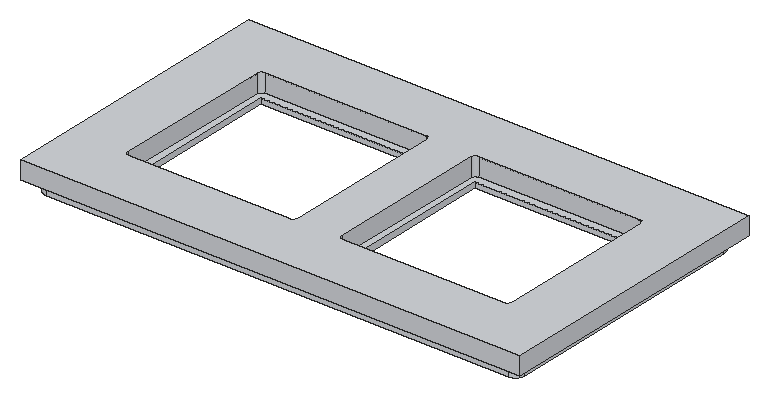
Revit family "Gira_0212126", category Electrical Fixtures, host Face, Revit 2017
Family settings
  Host = Face
  Maintain Annotation Orientation = No
  Round Connector Dimension = Use Diameter
  Part Type = Normal
  Cut with Voids When Loaded = No
  Shared = No
  Room Calculation Point = No
Parameters (values of type "Cov.fr. 2-g Gira Esprit alum.black")
  With mounting grid = "No"
  With hinged lid = "No"
  URL = "http://katalog.gira.de/en/datenblatt.html?artikelnr=0212126"
  Type of fastening = "Clamp mounting"
  Transparent = "No"
  Surface protection = "Other"
  Suitable for wall duct = "No"
  Suitable for flush-mounted installation = "Yes"
  Suitable for floor box = "No"
  Suitable for built-in installation = "No"
  Number of units vertical = "2"
  Number of units horizontal = "2"
  Number of units = "2"
  Name = "Cov.fr. 2-g Gira Esprit alum.black"
  Mounting direction = "Horizontal and vertical"
  Material quality = "Aluminium"
  Material = "Metal"
  Manufacturer URL = "https://www.gira.de/"
  Manufacturer = "Gira"
  Label space/information surface = "No"
  Keynote = ""
  HeinzeBIM = "https://bimportal.heinze.de/bim/cov-fr-2-g-gira-esprit-alum-black/338c89755d987bff82f9b63c554c02a872f2e644"
  Halogen free = "No"
  HAN = "0212126"
  GTIN = "4010337109020"
  Description = "Cov.fr.2g Espr. AlBk,Gira Esprit cover frame,aluminium black,2-gang,Features:,- Anodised aluminium E 1. Colour deviations are possible."
  Degree of protection (IP) = "IP20"
  Default Elevation = 1219.2 mm
  Data sheet (1) = "https://katalog.gira.de/en/download.html?artikelnr=0212126"
  Colour = "Black"
  Category = "Cover frame for domestic switching devices"
  BIM (1) = "https://media.stage.bim.site/public/gira/36a6b08/Espr._Rahmen_2fach.rfa"
  Available = "No"
Reference planes
  plane 1 "Center (Front/Back)": y = 0
  plane 2: z = 0
  plane 3 "Center (Left/Right)": x = 0
Forms (mm)
  Extrusion 1, solid, detail levels fine
    sketch origin (0, 0, 0) x (1, 0, 0) y (0, 1, 0)
      loop
        line (-83, 47.5) -> (-83, -47.5) -> (83, -47.5) -> (83, 47.5) -> (-83, 47.5)
      loop
        arc (-63.75, -26.7) -> (-63.311, -27.761) -> (-62.25, -28.2) r 1.5
        line (-62.25, -28.2) -> (-8.85, -28.2)
        arc (-8.85, -28.2) -> (-7.789, -27.761) -> (-7.35, -26.7) r 1.5
        line (-7.35, -26.7) -> (-7.35, 26.7)
        arc (-7.35, 26.7) -> (-7.789, 27.761) -> (-8.85, 28.2) r 1.5
        line (-8.85, 28.2) -> (-62.25, 28.2)
        arc (-62.25, 28.2) -> (-63.311, 27.761) -> (-63.75, 26.7) r 1.5
        line (-63.75, 26.7) -> (-63.75, -26.7)
      loop
        line (63.75, -26.7) -> (63.75, 26.7)
        arc (63.75, 26.7) -> (63.311, 27.761) -> (62.25, 28.2) r 1.5
        line (62.25, 28.2) -> (8.85, 28.2)
        arc (8.85, 28.2) -> (7.789, 27.761) -> (7.35, 26.7) r 1.5
        line (7.35, 26.7) -> (7.35, -26.7)
        arc (7.35, -26.7) -> (7.789, -27.761) -> (8.85, -28.2) r 1.5
        line (8.85, -28.2) -> (62.25, -28.2)
        arc (62.25, -28.2) -> (63.311, -27.761) -> (63.75, -26.7) r 1.5
    from 0 to 6
  Extrusion 2, solid, detail levels fine
    sketch origin (0, 0, 0) x (1, 0, 0) y (0, 1, 0)
      loop
        line (-61.45, -25.7) -> (-9.65, -25.7) -> (-9.65, 25.7) -> (-61.45, 25.7) -> (-61.45, -25.7)
      loop
        line (61.45, 25.7) -> (9.65, 25.7) -> (9.65, -25.7) -> (61.45, -25.7) -> (61.45, 25.7)
      loop
        arc (-78.454, -41.3) -> (-77.927, -42.573) -> (-76.654, -43.1) r 1.8
        line (-76.654, -43.1) -> (76.654, -43.1)
        arc (76.654, -43.1) -> (77.927, -42.573) -> (78.454, -41.3) r 1.8
        line (78.454, -41.3) -> (78.454, 41.3)
        arc (78.454, 41.3) -> (77.927, 42.573) -> (76.654, 43.1) r 1.8
        line (76.654, 43.1) -> (-76.654, 43.1)
        arc (-76.654, 43.1) -> (-77.927, 42.573) -> (-78.454, 41.3) r 1.8
        line (-78.454, 41.3) -> (-78.454, -41.3)
    from -1.9 to 0
  Extrusion 3, solid, detail levels fine
    sketch origin (0, 0, 0) x (1, 0, 0) y (0, 1, 0)
      loop
        arc (-76.75, 44.4) -> (-78.871, 43.521) -> (-79.75, 41.4) r 3
        line (-79.75, 41.4) -> (-79.75, -41.4)
        arc (-79.75, -41.4) -> (-78.871, -43.521) -> (-76.75, -44.4) r 3
        line (-76.75, -44.4) -> (76.75, -44.4)
        arc (76.75, -44.4) -> (78.871, -43.521) -> (79.75, -41.4) r 3
        line (79.75, -41.4) -> (79.75, 41.4)
        arc (79.75, 41.4) -> (78.871, 43.521) -> (76.75, 44.4) r 3
        line (76.75, 44.4) -> (-76.75, 44.4)
      loop
        arc (-78.55, -41.4) -> (-78.023, -42.673) -> (-76.75, -43.2) r 1.8
        line (-76.75, -43.2) -> (76.75, -43.2)
        arc (76.75, -43.2) -> (78.023, -42.673) -> (78.55, -41.4) r 1.8
        line (78.55, -41.4) -> (78.55, 41.4)
        arc (78.55, 41.4) -> (78.023, 42.673) -> (76.75, 43.2) r 1.8
        line (76.75, 43.2) -> (-76.75, 43.2)
        arc (-76.75, 43.2) -> (-78.023, 42.673) -> (-78.55, 41.4) r 1.8
        line (-78.55, 41.4) -> (-78.55, -41.4)
    from -3.7 to 0
  Extrusion 4, solid, detail levels medium
    sketch origin (0, 0, 0) x (1, 0, 0) y (0, 1, 0)
      loop
        line (-83, 47.5) -> (-83, -47.5) -> (83, -47.5) -> (83, 47.5) -> (-83, 47.5)
    from 0 to 6
  Extrusion 5, solid, detail levels medium
    sketch origin (0, 0, 0) x (1, 0, 0) y (0, 1, 0)
      loop
        line (-79.75, 44.4) -> (-79.75, -44.4) -> (79.75, -44.4) -> (79.75, 44.4) -> (-79.75, 44.4)
    from -3.7 to 0
  Extrusion 6, solid, detail levels coarse
    sketch origin (0, 0, 0) x (1, 0, 0) y (0, 1, 0)
      loop
        line (-83, 47.5) -> (-83, -47.5) -> (83, -47.5) -> (83, 47.5) -> (-83, 47.5)
    from -3.7 to 6
Dimensions and locks
  aligned and locked: plane 2 to host face
  aligned and locked: level to host face
